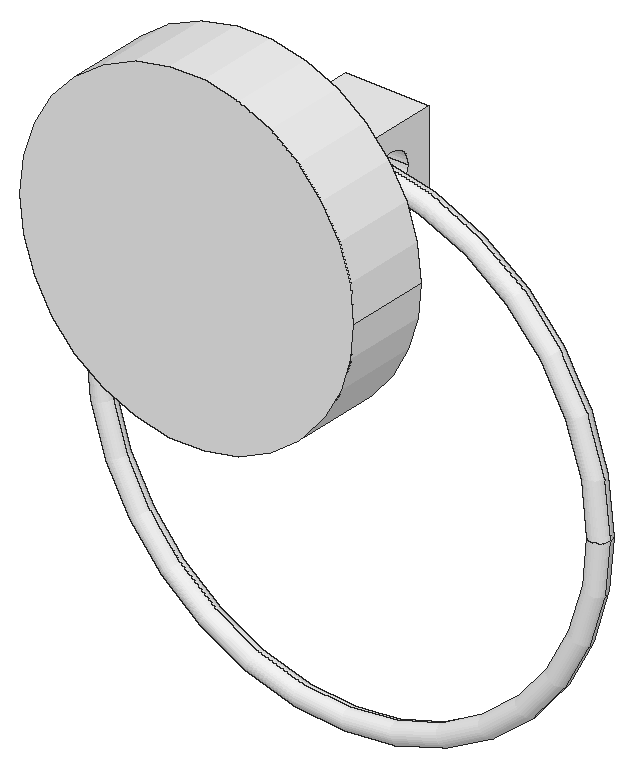
Revit family
Parameters (values of type "Non-Parametric")
  Unit = Chrome
  Subcategory = "Bathroom Fixture"
  SmartBIM Object Version = 3  # constant formula
  SmartBIM Object Created By = "Reed Construction Data"  # constant formula
  Manufacturer = ""
  Height = 4' - 0"
  Assembly Code = "E1010100"
  95 CSI = "10810"
  04 CSI = "10 28 13"
Reference planes (in)
  plane 1: y = 0
  plane 2 "Center (Left/Right)": x = 0
  plane 3 "Wall Edge": y = 3
  plane 4 "Height Plane": z = 48
  plane 5: z = 48
  plane 6: z = 48
  plane 7: z = 48
  plane 8: z = 48
Forms (in)
  Extrusion 1, solid, material "Chrome" <- "Unit"
    sketch origin (0, 3, 0) x (1, 0, 0) y (0, 0, 1)
      loop
        circle (0, 48) r 2
    from 0 to -1
  Extrusion 2, solid, material "Chrome" <- "Unit"
    sketch origin (0.94698, 3, -0.5) x (1, 0, 0) y (0, 0, 1)
      loop
        line (-0.44698, 49) -> (-1.44698, 49) -> (-1.44698, 48) -> (-0.44698, 48) -> (-0.44698, 49)
    from -1 to -3
  Extrusion 3, void
    sketch origin (0, 0, 0) x (0, 1, 0) y (0, 0, 1)
      loop
        circle (5.44078, 48) r 0.25
    from 0.5 to -0.5
  Sweep 4, solid, material "Chrome" <- "Unit"
    path origin (0, 3, 0) x (1, 0, 0) y (0, 0, 1)
      loop
        circle (0, 45) r 3
    profile origin (0, 3, 48) x (0, 0, -1) y (0, -1, 0)
      loop
        circle (0, -2.43586) r 0.125
Cuts and joins
  Extrusion 3 cuts Extrusion 2
  joined: Extrusion 1, Extrusion 2
Text (in)
  text "Placement Side" at (0, 40.15149, 123.01588), in view "Right"
  text "Placement Side" at (-70.3804, 28.46503, 0), in view "Ref. Level"
  text "Placement Side" at (0, 81.62555, 140.59947), in view "Left"
Dimensions and locks (in)
  locked: plane 3 "Wall Edge" to host wall
  "Height": level to plane 4 "Height Plane"
  aligned and locked: plane 4 "Height Plane" to plane 5
  aligned and locked: plane 4 "Height Plane" to plane 6
  aligned and locked: plane 4 "Height Plane" to plane 7
Automatic sketch dimensions
  Extrusion 1 sketch curve to plane 2 "Center (Left/Right)" = 0' - 0"
  Extrusion 1 sketch curve to plane 4 "Height Plane" = 0' - 0"
  Extrusion 2 sketch curve to plane 4 "Height Plane" = 0' - 0 1/2"
  plane 2 "Center (Left/Right)" to Extrusion 2 sketch curve = 0' - 0 1/2"
  Extrusion 2 sketch curve to Extrusion 2 sketch curve = 0' - 1"
  plane 4 "Height Plane" to Extrusion 2 sketch curve = 0' - 0 1/2"
  Extrusion 3 sketch curve to plane 4 "Height Plane" = 0' - 0"
  host wall to Extrusion 3 sketch curve = 0' - 2.44078"
  Sweep 4 sketch curve to plane 2 "Center (Left/Right)" = 0' - 0"
  Sweep 4 sketch curve to plane 4 "Height Plane" = 0' - 3"
  Sweep 4 sketch curve to profile plane = 0' - 0"
  Sweep 4 sketch curve to plane 3 "Wall Edge" = 0' - 2.43586"
  radius of Extrusion 1 sketch curve = 0' - 2"
  radius of Extrusion 3 sketch curve = 0' - 0 1/4"
  radius of Sweep 4 sketch curve = 0' - 3"
  radius of Sweep 4 sketch curve = 0' - 0 1/8"
